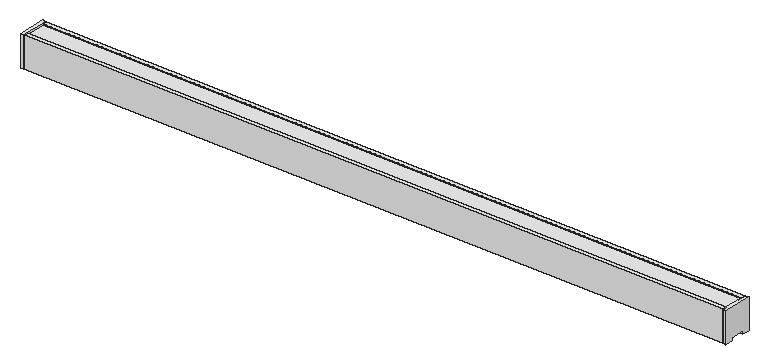
Revit family "KKDC_HighPower_SEN035CV_3000K_1000mm_REV", category 조명 설비, Revit 2024
Family settings
  원형 커넥터 치수 = 지름 사용
  부품 유형 = 배선함
  OmniClass 번호 = 23.80.70.00
  OmniClass 제목 = Lighting
  작업 기준면 기반 = 예
  항상 수직 = 예
  로드될 때 보이드를 사용하여 절단 = 아니오
  광원 = 예
  주석 방향 유지 = 아니오
  공유 = 아니오
  룸 계산 점 = 아니오
Parameters (values of type "SEN 035 CV 3000K 10deg Clear 1000mm")
  측광 웹 파일 = "SEN CV 035 Clear + 10DEG 40W(h-line).IES"
  직사각형 폭에서 발산 = 28.2 mm
  직사각형 길이에서 발산 = 990 mm
  와티지 해설 = "40W/m"
  Wattage = 40 W
  built-in parameter 1150110 = 1 (stored number, unit not read)
  built-in parameter 1114217 = 1 (stored number, unit not read)
  built-in parameter 1150109 = 1 (stored number, unit not read)
  built-in parameter 1150134 = (empty or 0)
  built-in parameter 1150113 = 1 (stored number, unit not read)
  built-in parameter 1150142 = "IESNA:LM-63-1995\r\n[TEST] \r\n[DATE] 2023-11-17 오전 11:00:04\r\n[MANUFAC] KKDC\r\n[LUMINAIRE] SEN CV 035 Clear + 10DEG 40W(h-line)  500mm\r\n[LAMP] SEN CV 035 Clear + 10DEG 40W(h-line)  500mm\r\nTILT=NONE\r\n1 1678.1 1 61 7 1 2 0.5 0.0392 0.0432 \r\n1 1 20.445 \r\n0 3 6 9 12 15 18 21 24 27 30 33 36 39 42 45 48 51 54 57 60 63 66 69 72 75 78 81 84 87 90 93 96 99 102 105 108 111 114 117 120 123 \r\n126 129 132 135 138 141 144 147 150 153 156 159 162 165 168 171 174 177 180 \r\n0 15 30 45 60 75 90 \r\n6015.498 5523.898 4302.98 3000.006 2150.933 1653.174 1324.431 1081.647 866.3558 681.4609 528.3845 400.8308 290.6763 205.0828 \r\n149.2986 116.0186 89.79446 71.94328 56.1684 44.7963 34.54885 27.81024 21.50418 12.61211 7.142343 5.815818 5.556281 5.296744 \r\n1.672573 0.922799 -0.05767 -0.05767 -0.02883 -0.02883 -0.02883 -0.02883 -0.02883 -0.05767 -0.05767 -0.05767 -0.05767 -0.08651 \r\n-0.05767 -0.05767 -0.05767 -0.02883 -0.02883 -0.02883 0 0 0.028837 0.086512 0.201862 0.490237 1.182336 6.046518 14.11166 35.06793 \r\n52.02515 51.65026 46.84376 \r\n6015.498 5543.933 4328.045 3030.927 2170.556 1662.749 1327.59 1080.931 867.6453 680.4722 531.0277 407.7057 301.7893 217.6405 \r\n159.6031 120.4201 92.85996 72.54685 58.04728 44.97136 34.82251 26.11684 20.31309 14.50934 8.70559 4.360494 5.803752 2.901838 0 0 \r\n0 0 0 0 0 0 0 0 0 0 0 0 0 0 0 0 0 0 0 0 0 0 0 0 0 5.803752 11.6075 31.9206 49.32629 49.32209 42.06952 \r\n6015.498 5516.992 4288.888 3015.731 2180.046 1680.093 1344.366 1088.569 870.5721 680.1807 530.4796 408.3973 309.5676 235.4493 \r\n177.3142 135.168 104.6446 82.84779 66.85606 49.41553 37.78851 30.52339 23.25404 14.53447 10.16978 4.356268 1.451617 1.451617 0 0 \r\n0 0 0 0 0 0 0 0 0 0 0 0 0 0 0 0 0 0 0 0 0 0 0 0 0 5.813511 15.98891 34.88106 49.41273 45.04383 45.05225 \r\n6015.498 5540.208 4328.042 3057.816 2213.455 1703.34 1355.992 1095.829 876.3652 684.519 536.2818 414.1978 315.3749 241.2549 \r\n187.4844 149.6958 123.5328 103.1876 82.83816 62.49154 47.95701 36.32996 26.16157 17.44057 11.62705 5.813524 1.458656 0 0 0 0 0 0 \r\n0 0 0 0 0 0 0 0 0 0 0 0 0 0 0 0 0 0 0 0 0 0 5.813524 17.44057 34.88114 46.50819 43.60354 46.50819 \r\n6015.498 5514.761 4279.025 3004.043 2170.084 1667.961 1330.294 1078.495 863.0839 678.2423 529.7854 407.5263 311.4666 238.6947 \r\n186.2974 149.9128 125.1693 107.7035 88.78191 71.31612 56.76201 45.11816 34.93155 24.74072 17.46577 11.64385 5.821925 0 0 0 0 0 0 \r\n0 0 0 0 0 0 0 0 0 0 0 0 0 0 0 0 0 0 0 0 0 0 5.821925 17.46577 34.93155 45.11816 43.66514 46.5754 \r\n6015.498 5540.157 4324.27 3025.819 2163.597 1656.401 1320.195 1072.379 860.7949 679.6501 528.9376 405.7653 310.1179 239.1102 \r\n186.94 147.812 124.6253 107.2352 89.84517 72.4551 57.96688 46.3735 40.57682 28.98344 23.18675 17.39006 11.59338 5.796688 0 0 0 0 \r\n0 0 0 0 0 0 0 0 0 0 0 0 0 0 0 0 0 0 0 0 0 0 0 5.796688 17.39006 33.32711 40.57682 42.02983 46.3735 \r\n6015.498 5515.59 4280.457 2984.383 2135.883 1636.088 1307.722 1063.602 854.3558 668.3687 520.1658 401.0234 305.1295 232.4726 \r\n185.9759 148.2029 124.9545 107.5182 90.08189 72.64559 58.12097 46.49678 40.68468 29.06048 23.24839 17.43629 11.62419 5.812097 0 0 \r\n0 0 0 0 0 0 0 0 0 0 0 0 0 0 0 0 0 0 0 0 0 0 0 0 2.911664 5.812097 17.43629 31.96091 40.68468 40.68468 46.49678 \r\n"
  Emit Shape Visible in Rendering = yes
  램프 = "SEN035 CV"
  Default Elevation = 0 mm
  Lumens = 3288 lm
  built-in parameter 1150115 = 1 (stored number, unit not read)
  built-in parameter 1150105 = 261.65 (stored number, unit not read)
  built-in parameter 1150137 = (empty or 0)
  built-in parameter 1150139 = (empty or 0)
  built-in parameter 1150112 = 1 (stored number, unit not read)
  built-in parameter 1150114 = 1 (stored number, unit not read)
  built-in parameter 1150132 = (empty or 0)
  built-in parameter 1150102 = (empty or 0)
  built-in parameter 1150138 = (empty or 0)
  built-in parameter 1150107 = 3000 (stored number, unit not read)
  built-in parameter 1150106 = 2.6165 (stored number, unit not read)
  built-in parameter 1150104 = 7.6366 (stored number, unit not read)
  Tilt Angle = -90.00°
  Dimming Lamp Color Temperature Shift = (empty or 0)
  Color Filter = 16777215
  built-in parameter 1114218 = 1 (stored number, unit not read)
  built-in parameter 1150133 = 10 (stored number, unit not read)
Types (5, lengths in mm): name | 측광 웹 파일 | built-in parameter 1150142 | Lumens | built-in parameter 1150105 | built-in parameter 1150106 | built-in parameter 1150104
  SEN 035 CV 3000K 10deg Clear 1000mm | "SEN CV 035 Clear + 10DEG 40W(h-line).IES" | "IESNA:LM-63-1995\r\n[TEST] \r\n[DATE] 2023-11-17 오전 11:00:04\r\n[MANUFAC] KKDC\r\n[LUMINAIRE] SEN CV 035 Clear + 10DEG 40W(h-line)  500mm\r\n[LAMP] SEN CV 035 Clear + 10DEG 40W(h-line)  500mm\r\nTILT=NONE\r\n1 1678.1 1 61 7 1 2 0.5 0.0392 0.0432 \r\n1 1 20.445 \r\n0 3 6 9 12 15 18 21 24 27 30 33 36 39 42 45 48 51 54 57 60 63 66 69 72 75 78 81 84 87 90 93 96 99 102 105 108 111 114 117 120 123 \r\n126 129 132 135 138 141 144 147 150 153 156 159 162 165 168 171 174 177 180 \r\n0 15 30 45 60 75 90 \r\n6015.498 5523.898 4302.98 3000.006 2150.933 1653.174 1324.431 1081.647 866.3558 681.4609 528.3845 400.8308 290.6763 205.0828 \r\n149.2986 116.0186 89.79446 71.94328 56.1684 44.7963 34.54885 27.81024 21.50418 12.61211 7.142343 5.815818 5.556281 5.296744 \r\n1.672573 0.922799 -0.05767 -0.05767 -0.02883 -0.02883 -0.02883 -0.02883 -0.02883 -0.05767 -0.05767 -0.05767 -0.05767 -0.08651 \r\n-0.05767 -0.05767 -0.05767 -0.02883 -0.02883 -0.02883 0 0 0.028837 0.086512 0.201862 0.490237 1.182336 6.046518 14.11166 35.06793 \r\n52.02515 51.65026 46.84376 \r\n6015.498 5543.933 4328.045 3030.927 2170.556 1662.749 1327.59 1080.931 867.6453 680.4722 531.0277 407.7057 301.7893 217.6405 \r\n159.6031 120.4201 92.85996 72.54685 58.04728 44.97136 34.82251 26.11684 20.31309 14.50934 8.70559 4.360494 5.803752 2.901838 0 0 \r\n0 0 0 0 0 0 0 0 0 0 0 0 0 0 0 0 0 0 0 0 0 0 0 0 0 5.803752 11.6075 31.9206 49.32629 49.32209 42.06952 \r\n6015.498 5516.992 4288.888 3015.731 2180.046 1680.093 1344.366 1088.569 870.5721 680.1807 530.4796 408.3973 309.5676 235.4493 \r\n177.3142 135.168 104.6446 82.84779 66.85606 49.41553 37.78851 30.52339 23.25404 14.53447 10.16978 4.356268 1.451617 1.451617 0 0 \r\n0 0 0 0 0 0 0 0 0 0 0 0 0 0 0 0 0 0 0 0 0 0 0 0 0 5.813511 15.98891 34.88106 49.41273 45.04383 45.05225 \r\n6015.498 5540.208 4328.042 3057.816 2213.455 1703.34 1355.992 1095.829 876.3652 684.519 536.2818 414.1978 315.3749 241.2549 \r\n187.4844 149.6958 123.5328 103.1876 82.83816 62.49154 47.95701 36.32996 26.16157 17.44057 11.62705 5.813524 1.458656 0 0 0 0 0 0 \r\n0 0 0 0 0 0 0 0 0 0 0 0 0 0 0 0 0 0 0 0 0 0 5.813524 17.44057 34.88114 46.50819 43.60354 46.50819 \r\n6015.498 5514.761 4279.025 3004.043 2170.084 1667.961 1330.294 1078.495 863.0839 678.2423 529.7854 407.5263 311.4666 238.6947 \r\n186.2974 149.9128 125.1693 107.7035 88.78191 71.31612 56.76201 45.11816 34.93155 24.74072 17.46577 11.64385 5.821925 0 0 0 0 0 0 \r\n0 0 0 0 0 0 0 0 0 0 0 0 0 0 0 0 0 0 0 0 0 0 5.821925 17.46577 34.93155 45.11816 43.66514 46.5754 \r\n6015.498 5540.157 4324.27 3025.819 2163.597 1656.401 1320.195 1072.379 860.7949 679.6501 528.9376 405.7653 310.1179 239.1102 \r\n186.94 147.812 124.6253 107.2352 89.84517 72.4551 57.96688 46.3735 40.57682 28.98344 23.18675 17.39006 11.59338 5.796688 0 0 0 0 \r\n0 0 0 0 0 0 0 0 0 0 0 0 0 0 0 0 0 0 0 0 0 0 0 5.796688 17.39006 33.32711 40.57682 42.02983 46.3735 \r\n6015.498 5515.59 4280.457 2984.383 2135.883 1636.088 1307.722 1063.602 854.3558 668.3687 520.1658 401.0234 305.1295 232.4726 \r\n185.9759 148.2029 124.9545 107.5182 90.08189 72.64559 58.12097 46.49678 40.68468 29.06048 23.24839 17.43629 11.62419 5.812097 0 0 \r\n0 0 0 0 0 0 0 0 0 0 0 0 0 0 0 0 0 0 0 0 0 0 0 0 2.911664 5.812097 17.43629 31.96091 40.68468 40.68468 46.49678 \r\n" | 3288 lm | 261.65 (stored number, unit not read) | 2.6165 (stored number, unit not read) | 7.6366 (stored number, unit not read)
  SEN 035 CV 3000K 20deg Clear 1000mm | "SEN CV 035 Clear + 20DEG 40W(h-line).IES" | "IESNA:LM-63-1995\r\n[TEST] \r\n[DATE] 2023-11-15 오후 5:17:50\r\n[MANUFAC] KKDC\r\n[LUMINAIRE] SEN CV 035 Clear + 20DEG 40W(h-line)  500mm\r\n[LAMP] SEN CV 035 Clear + 20DEG 40W(h-line)  500mm\r\nTILT=NONE\r\n1 1676.0 1 61 7 1 2 0.5 0.0392 0.0432 \r\n1 1 20.793 \r\n0 3 6 9 12 15 18 21 24 27 30 33 36 39 42 45 48 51 54 57 60 63 66 69 72 75 78 81 84 87 90 93 96 99 102 105 108 111 114 117 120 123 \r\n126 129 132 135 138 141 144 147 150 153 156 159 162 165 168 171 174 177 180 \r\n0 15 30 45 60 75 90 \r\n5714.687 5480.361 4788.833 3766.598 2711.347 1832.821 1249.457 902.2106 686.358 540.2184 433.4557 346.0353 264.7853 198.0422 \r\n135.5662 94.28638 73.06979 57.69798 46.75811 39.24104 29.62748 23.69622 17.93795 12.09319 6.79625 5.585267 5.354604 5.12394 \r\n1.528145 0.864988 -0.08649 -0.08649 -0.08649 -0.08649 -0.08649 -0.08649 -0.08649 -0.08649 -0.08649 -0.08649 -0.08649 -0.08649 \r\n-0.08649 -0.08649 -0.08649 -0.08649 -0.08649 -0.05766 -0.05766 -0.02883 0 0.057666 0.172998 0.518993 1.297482 6.306091 17.64962 \r\n36.56789 54.41934 57.38082 52.8912 \r\n5714.687 5478.358 4795.664 3784.024 2733.264 1857.937 1272.462 923.1903 701.459 552.1727 442.0417 356.529 278.2611 213.049 \r\n155.0745 105.7985 78.26328 60.87094 49.27604 40.58214 30.4362 23.1898 17.39235 11.5949 7.246407 5.797449 2.896446 2.896446 0 0 0 \r\n0 0 0 0 0 0 0 0 0 0 0 0 0 0 0 0 0 0 0 0 0 0 0 0 5.797449 15.94486 34.78469 52.17704 55.06472 52.17704 \r\n5714.687 5473.952 4770.673 3760 2715.962 1858.981 1287.65 935.2795 711.9756 558.2706 448.0669 361.0629 285.6593 224.7572 176.909 \r\n134.8611 97.1586 72.50413 53.65582 42.05528 34.80163 26.10196 17.40081 13.05392 7.253652 1.453379 0 0 0 0 0 0 0 0 0 0 0 0 0 0 0 0 \r\n0 0 0 0 0 0 0 0 0 0 0 0 0 5.800272 17.40081 36.25501 53.65582 53.64258 52.20245 \r\n5714.687 5480.462 4792.949 3791.739 2749.99 1891.429 1314.749 955.9639 723.5221 568.0603 456.2042 364.6812 289.1223 229.5482 \r\n185.9705 148.1977 117.6846 94.43576 72.64619 55.20951 42.12575 30.50131 23.24889 17.43667 11.62445 5.812223 0 0 0 0 0 0 0 0 0 0 0 \r\n0 0 0 0 0 0 0 0 0 0 0 0 0 0 0 0 0 0 5.812223 17.43667 39.22624 52.31 49.409 52.31 \r\n5714.687 5469.927 4760.715 3753.111 2717.95 1867.758 1292.734 940.4583 716.2746 560.5024 446.9438 359.5966 286.8041 228.5647 \r\n183.4355 147.0429 119.384 96.08829 78.61648 61.14467 50.95462 39.30675 30.56864 23.29575 14.55317 8.729237 5.823937 0 0 0 0 0 0 0 \r\n0 0 0 0 0 0 0 0 0 0 0 0 0 0 0 0 0 0 0 0 0 5.823937 20.37711 37.84892 49.50567 49.50567 52.41543 \r\n5714.687 5486.293 4798.676 3789.952 2742.055 1874.494 1290.36 930.0244 706.2579 556.579 444.6765 356.0402 284.8386 229.6096 \r\n184.5604 146.781 119.1694 95.91515 78.47441 63.94934 52.32219 42.14546 34.88146 27.60857 18.88822 13.07464 8.717408 5.813577 0 0 \r\n0 0 0 0 0 0 0 0 0 0 0 0 0 0 0 0 0 0 0 0 0 0 0 0 0 5.813577 20.33865 37.77938 46.50862 49.41836 52.32219 \r\n5714.687 5475.813 4771.737 3742.124 2689.374 1825.747 1253.05 907.1381 689.0948 543.7435 436.1516 351.8264 282.059 223.8925 \r\n180.2838 145.3839 116.3006 95.95856 78.50859 63.98323 52.34991 40.7166 34.89994 26.15868 20.34202 11.63331 8.708706 5.816657 0 0 \r\n0 0 0 0 0 0 0 0 0 0 0 0 0 0 0 0 0 0 0 0 0 0 0 0 0 5.816657 20.34202 34.89994 46.53326 46.53326 52.34991 \r\n" | 3240 lm | 257.83 (stored number, unit not read) | 2.5783 (stored number, unit not read) | 7.5251 (stored number, unit not read)
  SEN 035 CV 3000K 30deg Clear 1000mm | "SEN CV 035 Clear +  30DEG 40W(h-line).IES" | "IESNA:LM-63-1995\r\n[TEST] \r\n[DATE] 2023-11-16 오후 5:23:17\r\n[MANUFAC] KKDC\r\n[LUMINAIRE] SEN CV 035 Clear +  30DEG 40W(h-line)  500mm\r\n[LAMP] SEN CV 035 Clear +  30DEG 40W(h-line)  500mm\r\nTILT=NONE\r\n1 1725.8 1 61 7 1 2 0.5 0.0392 0.0432 \r\n1 1 20.223 \r\n0 3 6 9 12 15 18 21 24 27 30 33 36 39 42 45 48 51 54 57 60 63 66 69 72 75 78 81 84 87 90 93 96 99 102 105 108 111 114 117 120 123 \r\n126 129 132 135 138 141 144 147 150 153 156 159 162 165 168 171 174 177 180 \r\n0 15 30 45 60 75 90 \r\n4621.748 4474.122 4086.869 3521.359 2892.385 2267.701 1721.812 1267.761 900.6193 626.1932 434.3629 303.9503 217.8573 161.47 \r\n122.0688 93.12695 72.88898 59.00485 46.89363 36.8668 28.72255 22.05722 15.85603 10.32081 5.886869 4.145624 3.652649 3.479658 \r\n2.11606 1.334766 -0.08649 -0.08649 -0.08649 -0.08649 -0.08649 -0.08649 -0.08649 -0.08649 -0.08649 -0.08649 -0.08649 -0.08649 \r\n-0.08649 -0.08649 -0.08649 -0.08649 -0.08649 -0.05766 -0.05766 -0.02883 0 0.172991 0.521807 1.158941 2.462042 6.083026 15.93403 \r\n34.01294 51.10875 52.44068 49.79998 \r\n4621.748 4486.487 4103.362 3544.184 2913.83 2285.676 1736.847 1278.373 912.2964 634.973 441.7642 311.7509 224.2995 166.9207 \r\n127.2612 97.77253 76.41697 61.30529 49.24824 38.78892 30.07183 22.95414 16.85224 11.1875 6.536883 3.777425 3.48702 3.049863 \r\n2.034069 1.306507 0 0 0 0 0 0 0 0 0 0 0 0 0 0 0 0 0 0 0 0 0 0 0.581119 1.162237 2.324474 5.811185 14.81756 33.12349 49.97345 \r\n51.85552 49.39229 \r\n4621.748 4469.679 4068.853 3501.611 2869.752 2243.714 1702.055 1252.903 893.2091 624.275 436.6602 310.9044 226.9706 171.0649 \r\n132.8745 104.7026 83.2108 66.65606 53.58599 42.69429 33.40063 25.41393 18.58838 12.63425 7.696681 3.630797 2.614049 2.614049 \r\n1.742365 0.87141 0 0 0 0 0 0 0 0 0 0 0 0 0 0 0 0 0 0 0 0 0 0 0.58088 1.161759 2.613594 6.679752 16.99012 35.72375 50.24386 \r\n50.09558 49.37331 \r\n4621.748 4485.414 4097.881 3532.949 2900.956 2271.604 1728.147 1274.198 908.5977 635.9992 445.2007 316.8383 231.5528 175.813 \r\n138.4103 111.1961 91.2563 75.39214 61.85661 50.21296 39.87891 31.29174 23.57762 16.29996 10.47857 5.675539 2.473396 2.03771 \r\n1.600577 0.727518 0 0 0 0 0 0 0 0 0 0 0 0 0 0 0 0 0 0 0 0 0 0 0.582217 1.164433 2.765323 6.839848 17.90051 36.38467 48.4644 \r\n48.61056 49.34166 \r\n4621.748 4471.824 4076.129 3503.957 2869.345 2240.571 1698.138 1249.633 891.1247 621.0186 433.7662 308.2511 224.9655 171.3836 \r\n135.5639 110.5195 92.17476 77.03088 64.65358 54.1692 44.99559 36.25817 28.54129 21.40645 14.85316 9.17452 4.66045 1.747023 \r\n1.018677 0.436182 0 0 0 0 0 0 0 0 0 0 0 0 0 0 0 0 0 0 0 0 0 0 0.582495 1.16499 3.203228 8.298841 20.6761 37.71331 46.74023 \r\n47.61083 49.65741 \r\n4621.748 4482.767 4097.141 3537.883 2908.802 2282.331 1733.355 1277.058 911.7037 635.8506 440.2372 311.275 227.4207 172.9158 \r\n137.2057 111.182 92.09732 77.34994 65.63926 55.37406 47.13302 39.32573 32.38573 25.59074 19.8074 14.02407 8.963717 4.626432 \r\n1.301241 0.433687 0 0 0 0 0 0 0 0 0 0 0 0 0 0 0 0 0 0 0 0 0 0 0.578334 1.156667 3.180617 8.095963 20.38491 35.56599 43.952 \r\n46.26603 49.4473 \r\n4621.748 4471.029 4076.931 3521.854 2898.032 2269.303 1718.921 1260.823 895.5551 622.5572 432.8353 305.7759 222.5174 170.8792 \r\n135.1956 109.9575 91.09982 76.30294 64.98783 54.83331 46.41968 39.16665 32.20309 25.53036 19.72739 14.79554 9.863695 5.801618 \r\n2.321186 0.289474 0 0 0 0 0 0 0 0 0 0 0 0 0 0 0 0 0 0 0 0 0 0 0.580297 1.450068 3.771254 8.992576 21.17746 35.10323 42.93925 \r\n45.84208 49.32387 \r\n" | 3400 lm | 270.56 (stored number, unit not read) | 2.7056 (stored number, unit not read) | 7.8968 (stored number, unit not read)
  SEN 035 CV 3000K Clear + Spread lens  1000mm | "SEN CV 035 Clear + Spread lens 40W(h-line).IES" | "IESNA:LM-63-1995\r\n[TEST] \r\n[DATE] 2023-11-17 오후 3:26:59\r\n[MANUFAC] KKDC\r\n[LUMINAIRE] SEN CV 035 Clear + Spread lens 40W(h-line)  500mm\r\n[LAMP] SEN CV 035 Clear + Spread lens 40W(h-line)  500mm\r\nTILT=NONE\r\n1 1539.9 1 61 7 1 2 0.5 0.0392 0.0432 \r\n1 1 20.219 \r\n0 3 6 9 12 15 18 21 24 27 30 33 36 39 42 45 48 51 54 57 60 63 66 69 72 75 78 81 84 87 90 93 96 99 102 105 108 111 114 117 120 123 \r\n126 129 132 135 138 141 144 147 150 153 156 159 162 165 168 171 174 177 180 \r\n0 15 30 45 60 75 90 \r\n3301.349 3116.857 2633.727 2044.037 1546.351 1200.864 964.7391 789.0858 644.1099 519.395 416.3889 328.3562 253.5235 189.09 \r\n146.0515 120.4671 101.5122 84.84327 69.70865 56.28127 45.08219 35.73676 26.70833 18.49146 11.6625 7.611701 7.004197 6.454329 \r\n4.398945 2.63407 -0.08645 -0.08645 -0.08645 -0.08645 -0.08645 -0.08645 -0.08645 -0.08645 -0.08645 -0.08645 -0.08645 -0.08645 \r\n-0.08645 -0.08645 -0.08645 -0.08645 -0.08645 -0.05763 -0.05763 -0.02881 0 0.028818 0.115271 0.607503 1.387913 4.194888 11.16794 \r\n23.8702 35.4151 35.38628 33.27327 \r\n3301.349 3139.406 2681.791 2099.874 1591.419 1228.115 984.3141 803.6609 655.6204 526.9939 423.4205 341.8717 268.4329 206.4303 \r\n154.7118 124.7255 104.734 88.21924 73.01019 59.24825 47.65988 37.6631 28.5365 19.84588 12.45765 7.097403 6.517949 5.938494 \r\n4.346003 2.46297 0 0 0 0 0 0 0 0 0 0 0 0 0 0 0 0 0 0 0 0 0 0 0 0.579455 1.30478 4.05618 10.43018 23.03489 34.62139 35.48668 \r\n32.5932 \r\n3301.349 3143.148 2720.923 2172.761 1670.243 1288.585 1027.191 836.4935 679.4182 543.506 436.1382 353.2607 289.9445 240.3893 \r\n193.7366 145.4859 114.1835 95.20033 79.55057 65.35015 52.59834 41.00643 31.2986 22.02508 13.91073 6.666123 5.361191 4.781594 \r\n3.332274 1.88407 0 0 0 0 0 0 0 0 0 0 0 0 0 0 0 0 0 0 0 0 0 0 0 0.579597 1.73879 4.636774 12.02668 25.06837 34.48518 33.90132 \r\n32.8917 \r\n3301.349 3181.966 2839.932 2360.616 1874.064 1460.092 1154.257 928.1152 749.2825 598.1769 477.4019 384.3562 313.9629 262.8719 \r\n224.2647 192.9088 160.5348 124.8233 96.80842 76.77917 62.12022 49.34654 37.73539 27.2851 18.43127 10.59361 4.643812 3.773923 \r\n3.047353 1.596459 0 0 0 0 0 0 0 0 0 0 0 0 0 0 0 0 0 0 0 0 0 0 0 0.580648 1.741944 4.790311 12.62833 25.54569 33.38661 32.9558 \r\n33.09693 \r\n3301.349 3200.2 2922.919 2521.521 2086.636 1679.593 1340.295 1068.014 845.6945 665.0427 524.4609 418.6965 339.1514 281.6067 \r\n238.3391 203.3724 169.1344 134.4634 108.6765 87.55268 70.50814 56.66817 44.72303 33.94214 24.32715 15.5865 8.448619 3.204571 \r\n2.185013 1.165532 0 0 0 0 0 0 0 0 0 0 0 0 0 0 0 0 0 0 0 0 0 0 0.291588 1.165532 2.331064 5.827661 14.71428 26.36876 32.34328 \r\n32.49015 33.65446 \r\n3301.349 3229.56 3018.069 2696.42 2327.779 1954.933 1608.278 1300.642 1030.562 801.2236 620.9278 484.8682 383.7304 309.517 \r\n255.2417 212.8901 175.6308 139.2514 111.6053 90.79977 75.5206 63.0079 52.52959 42.48924 33.03007 24.00811 15.56827 8.438555 \r\n2.909355 1.018385 0 0 0 0 0 0 0 0 0 0 0 0 0 0 0 0 0 0 0 0 0 0 0.437205 1.164255 2.328511 5.530484 14.40624 25.32154 30.7071 \r\n31.87169 33.76341 \r\n3301.349 3228.82 3027.971 2727.625 2385.4 2032.708 1698.615 1392.208 1111.403 863.8111 667.1531 517.0301 402.9659 320.044 \r\n258.6533 213.8482 174.5609 135.2801 109.0962 89.61012 75.64512 63.71553 52.94997 43.35165 34.32888 25.60197 17.74645 10.76233 \r\n5.234857 1.453409 0 0 0 0 0 0 0 0 0 0 0 0 0 0 0 0 0 0 0 0 0 0 0.58201 1.16402 2.328039 6.109488 14.83964 24.7338 29.97189 \r\n31.42853 33.75657 \r\n" | 3040 lm | 241.92 (stored number, unit not read) | 2.4192 (stored number, unit not read) | 7.0606 (stored number, unit not read)
  SEN 035 CV 3000K Clear + No lens 1000mm | "SEN CV 035 Clear +  No lens 40W(h-line).IES" | "IESNA:LM-63-1995\r\n[TEST] \r\n[DATE] 2023-11-16 오후 4:39:54\r\n[MANUFAC] KKDC\r\n[LUMINAIRE] SEN CV 035 Clear +  No lens 40W(h-line)  500mm\r\n[LAMP] SEN CV 035 Clear +  No lens 40W(h-line)  500mm\r\nTILT=NONE\r\n1 1356.8 1 61 7 1 2 0.5 0.0392 0.0432 \r\n1 1 20.225 \r\n0 3 6 9 12 15 18 21 24 27 30 33 36 39 42 45 48 51 54 57 60 63 66 69 72 75 78 81 84 87 90 93 96 99 102 105 108 111 114 117 120 123 \r\n126 129 132 135 138 141 144 147 150 153 156 159 162 165 168 171 174 177 180 \r\n0 15 30 45 60 75 90 \r\n672.9651 674.9766 674.9923 677.6099 677.5994 670.3528 662.8136 657.3015 648.6077 633.2471 615.572 585.2327 371.4744 113.4191 \r\n68.98411 68.75423 68.2605 67.65182 67.10062 66.2046 65.30857 62.58653 59.22708 49.10424 42.87383 29.88002 20.42332 17.49489 \r\n10.73676 6.154709 -0.08620 -0.08620 -0.08620 -0.08620 -0.08620 -0.08620 -0.08620 -0.08620 -0.08620 -0.08620 -0.08620 -0.08620 \r\n-0.08620 -0.08620 -0.08620 -0.08620 -0.08620 -0.05746 -0.05746 -0.02873 0 0 0.028735 0.114939 0.229877 1.131145 2.549636 5.885603 \r\n8.928974 9.566385 9.566385 \r\n672.9651 674.1312 672.4043 671.6766 668.7643 661.6637 652.9556 645.1296 633.9598 622.7882 609.135 592.8784 473.4622 184.1415 \r\n67.32722 66.45494 65.8745 65.14738 64.27696 63.55322 61.95644 59.63392 56.29583 47.15687 41.20657 30.76128 20.45959 16.97696 \r\n10.73882 6.238614 0 0 0 0 0 0 0 0 0 0 0 0 0 0 0 0 0 0 0 0 0 0 0 0 0.435902 1.160877 2.321755 5.65985 8.706579 9.430325 9.430325 \r\n672.9651 674.8625 673.567 671.1025 668.1995 660.649 649.1776 642.3547 633.6487 620.1563 608.5404 593.2858 568.892 443.0613 \r\n174.6589 62.55329 60.37357 58.77713 57.17958 55.29282 53.55199 51.3739 47.74555 43.53778 35.2663 29.02649 19.01266 14.51169 \r\n9.725392 5.079138 0 0 0 0 0 0 0 0 0 0 0 0 0 0 0 0 0 0 0 0 0 0 0 0 0.580532 1.161063 2.902659 6.241807 8.99918 9.288383 9.433669 \r\n672.9651 674.5708 672.5401 669.0623 667.7592 661.7689 650.2744 637.429 627.8109 617.314 602.6183 591.5185 571.8945 552.9457 \r\n525.5168 403.5854 164.6246 55.07801 49.2669 46.64233 43.72692 40.95819 38.04278 34.68908 30.6075 24.63001 19.2356 12.38607 \r\n9.473322 4.661989 0 0 0 0 0 0 0 0 0 0 0 0 0 0 0 0 0 0 0 0 0 0 0 0 0.583082 1.166163 2.915409 6.267219 8.746224 9.03707 9.473474 \r\n672.9651 672.2402 669.0545 662.8293 655.8649 649.9071 643.2205 633.7693 620.8615 610.2589 594.4479 579.7886 558.7191 538.8295 \r\n513.1243 472.1795 431.5361 399.1541 322.2161 149.6927 46.54967 33.10601 29.18545 25.70075 22.21605 19.02056 15.10036 10.88859 \r\n7.114693 3.483699 0 0 0 0 0 0 0 0 0 0 0 0 0 0 0 0 0 0 0 0 0 0 0 0 0.580783 1.161565 3.484696 6.67781 8.420158 9.002949 9.292524 \r\n672.9651 674.7165 673.5659 669.2087 659.2208 650.9462 639.7787 629.186 617.3035 606.0885 594.8865 575.7395 553.0579 530.5623 \r\n486.1512 450.883 424.5735 391.7732 357.49 323.5041 285.0176 244.3547 198.6178 134.7485 44.44305 15.24124 11.17994 7.985538 \r\n5.369704 3.192257 0 0 0 0 0 0 0 0 0 0 0 0 0 0 0 0 0 0 0 0 0 0 0 0 0.580809 1.161618 3.629515 6.388899 8.131327 8.712134 9.292945 \r\n672.9651 672.7225 671.9299 672.5161 662.7239 654.9111 641.9165 626.7835 615.2111 598.9995 584.4742 566.2327 550.6362 512.6657 \r\n465.5471 436.6483 410.7427 382.9948 350.3146 310.9004 273.2808 232.6941 186.3898 133.4379 77.25475 36.1396 14.18152 8.684771 \r\n4.91776 1.736954 0 0 0 0 0 0 0 0 0 0 0 0 0 0 0 0 0 0 0 0 0 0 0 0 0.578985 1.443851 3.75979 6.368833 8.105787 8.684771 9.263757 \r\n" | 2680 lm | 213.27 (stored number, unit not read) | 2.1327 (stored number, unit not read) | 6.2245 (stored number, unit not read)
Reference planes
  plane 1 "광원 축(F/B)": y = 0
  plane 2: z = 0
  plane 3 "광원 축(L/R)": x = 0
  plane 4 "광원 입면도": z = 42.7
Forms (mm)
  Extrusion 1, solid, material "알루미늄"
    sketch origin (0, 0, 0) x (0, 1, 0) y (0, 0, 1)
      loop
        line (-14.1, 41.7) -> (-14.1, 43.2) -> (-19.6, 43.2) -> (-19.6, 0) -> (-7.6, 0) -> (-7.6, 1.5) -> (-9.6, 1.5) -> (-9.6, 3.5) -> (9.6, 3.5) -> (9.6, 1.5) -> (7.6, 1.5) -> (7.6, 0) -> (19.6, 0) -> (19.6, 43.2) -> (14.1, 43.2) -> (14.1, 41.7) -> (18.1, 41.7) -> (18.1, 39.6) -> (-18.1, 39.6) -> (-18.1, 41.7) -> (-14.1, 41.7)
    from -495 to 495
  Extrusion 2, solid, material "알루미늄"
    sketch origin (0, 0, 0) x (0, 1, 0) y (0, 0, 1)
      loop
        line (-19.6, 43.2) -> (-19.6, 0) -> (-9.9, 0) -> (-9.9, 4) -> (9.9, 4) -> (9.9, 0) -> (19.6, 0) -> (19.6, 43.2) -> (-19.6, 43.2)
    from 500 to 495
  Extrusion 3, solid, material "알루미늄"
    sketch origin (0, 0, 0) x (0, 1, 0) y (0, 0, 1)
      loop
        line (19.6, 43.2) -> (-19.6, 43.2) -> (-19.6, 0) -> (-9.9, 0) -> (-9.9, 4) -> (9.9, 4) -> (9.9, 0) -> (19.6, 0) -> (19.6, 43.2)
    from -500 to -495
  Extrusion 4, solid, material "알루미늄"
    sketch origin (0, 0, 0) x (0, 1, 0) y (0, 0, 1)
      loop
        line (18.1, 41.7) -> (-18.1, 41.7) -> (-18.1, 39.6) -> (18.1, 39.6) -> (18.1, 41.7)
    from -495 to 495
Dimensions and locks
  aligned and locked: plane 4 "광원 입면도" to imposter light
  aligned and locked: level to plane 2
Connectors
  electrical at (0, 0, 0)
    settings: index 1, voltage 24 V, apparent load 0 VA, apparent load phase1 0 VA, apparent load phase2 0 VA, apparent load phase3 0 VA, power factor 1, load classification "조명", number of poles 1, system type 31, power factor state 1, is connector primary yes, connector utility no, sub classification motor no, connector description ""
